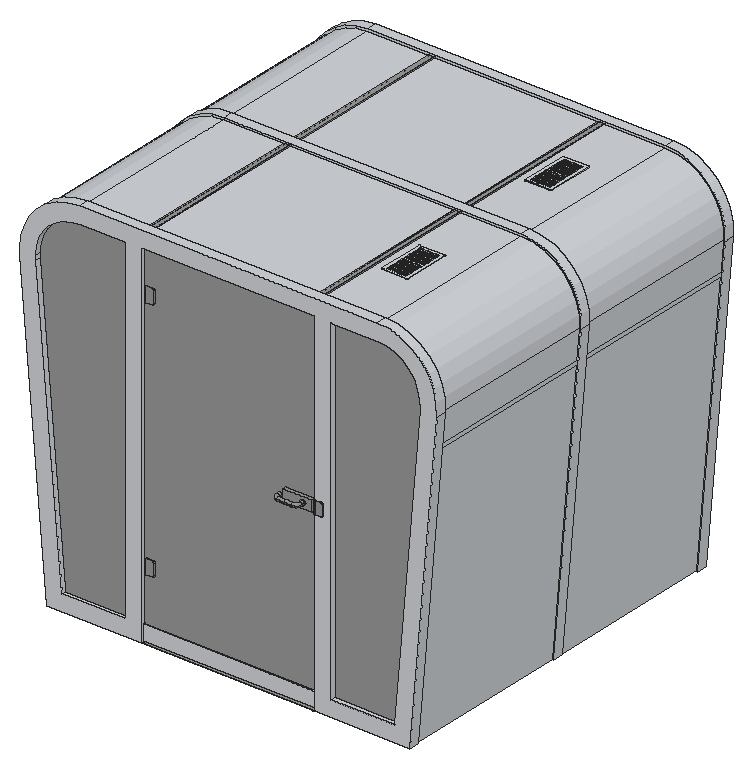
Revit family "Retreat 2.2 - PET Back", category Generic Models, host Floor, Revit 2020 (continued)
Forms (mm)
  Extrusion 38, solid, material "Stainless Steel, Brushed"
    sketch origin (0.228, 0, 0) x (1, 0, 0) y (0, 0, 1)
      loop
        arc (547, 1039.476) -> (554.071, 1042.405) -> (557, 1049.476) r 10
        line (557, 1049.476) -> (557, 1104.476)
        arc (557, 1104.476) -> (554.071, 1111.547) -> (547, 1114.476) r 10
        line (547, 1114.476) -> (508, 1114.476)
    from 1066.5 to 1092.5
  Extrusion 39, void
    sketch origin (0.228, 37.891, 0) x (1, 0, 0) y (0, 1, 0)
      loop
        line (557, -1101.429) -> (509.772, -1101.429) -> (509.772, -1127.891) -> (557, -1127.891) -> (557, -1101.429)
    from 1039.476 to 1114.476
  Extrusion 40, solid, material "Steel, Paint Finish, Dark Gray"
    sketch origin (0, 0, 0) x (1, 0, 0) y (0, 0, 1)
      loop
        line (-480.874, 2170.41) -> (-517.874, 2170.41) -> (-517.874, 2167.91) -> (-511.874, 2167.91) -> (-511.874, 2165.91) -> (-511.874, 2156.91) -> (-511.874, 2104.91) -> (-511.874, 2095.91) -> (-517.874, 2095.91) -> (-517.874, 2093.41) -> (-504.374, 2093.41) -> (-504.374, 2092.41) -> (-494.374, 2092.41) -> (-494.374, 2093.41) -> (-480.874, 2093.41) -> (-480.874, 2095.91) -> (-486.874, 2095.91) -> (-486.874, 2104.91) -> (-486.874, 2156.91) -> (-486.874, 2165.91) -> (-486.874, 2167.91) -> (-480.874, 2167.91) -> (-480.874, 2170.41)
      loop
        line (519.126, 2170.41) -> (482.126, 2170.41) -> (482.126, 2167.91) -> (488.126, 2167.91) -> (488.126, 2165.91) -> (488.126, 2156.91) -> (488.126, 2104.91) -> (488.126, 2095.91) -> (482.126, 2095.91) -> (482.126, 2093.41) -> (495.626, 2093.41) -> (495.626, 2092.41) -> (505.626, 2092.41) -> (505.626, 2093.41) -> (519.126, 2093.41) -> (519.126, 2095.91) -> (513.126, 2095.91) -> (513.126, 2104.91) -> (513.126, 2156.91) -> (513.126, 2165.91) -> (513.126, 2167.91) -> (519.126, 2167.91) -> (519.126, 2170.41)
    from 30 to 1030
  Extrusion 41, solid
    sketch origin (0, 0, 0) x (1, 0, 0) y (0, 0, 1)
      loop
        arc (-876.147, 2095.91) -> (-1065.651, 2017.415) -> (-1144.147, 1827.91) r 268
        arc (-1144.147, 1827.91) -> (-1143.892, 1816.22) -> (-1143.127, 1804.552) r 268
        line (-1143.127, 1804.552) -> (-985.249, 0) -> (-498.38, 0) -> (-498.38, 2095.91) -> (-876.147, 2095.91)
      loop
        line (882.734, 2095.91) -> (504.968, 2095.91) -> (504.968, 0) -> (991.837, 0) -> (1149.714, 1804.552)
        arc (1149.714, 1804.552) -> (1150.479, 1816.22) -> (1150.734, 1827.91) r 268
        arc (1150.734, 1827.91) -> (1072.239, 2017.415) -> (882.734, 2095.91) r 268
    from -1030 to -1021
  Extrusion 42, solid
    sketch origin (0, 0, 0) x (1, 0, 0) y (0, 0, 1)
      loop
        line (427.5, 2083) -> (-427.5, 2083) -> (-427.5, 95) -> (427.5, 95) -> (427.5, 2083)
      loop
        line (572.5, 95) -> (980.949, 95) -> (1130.622, 1805.775)
        arc (1130.622, 1805.775) -> (1064.598, 2000.276) -> (876.592, 2083) r 255
        line (876.592, 2083) -> (572.5, 2083) -> (572.5, 95)
      loop
        line (-572.5, 2083) -> (-876.592, 2083)
        arc (-876.592, 2083) -> (-1056.905, 2008.312) -> (-1131.592, 1828) r 255
        arc (-1131.592, 1828) -> (-1131.35, 1816.877) -> (-1130.622, 1805.775) r 255
        line (-1130.622, 1805.775) -> (-980.949, 95) -> (-572.5, 95) -> (-572.5, 2083)
    from -1079 to -1077
Cuts and joins
  joined: Extrusion 5, Extrusion 6
  Extrusion 39 cuts Extrusion 38
  joined: Extrusion 23, Extrusion 25, Sweep 27, Extrusion 28
  joined: Extrusion 22, Extrusion 24, Sweep 26
Dimensions and locks
  aligned and locked: level to plane 2
